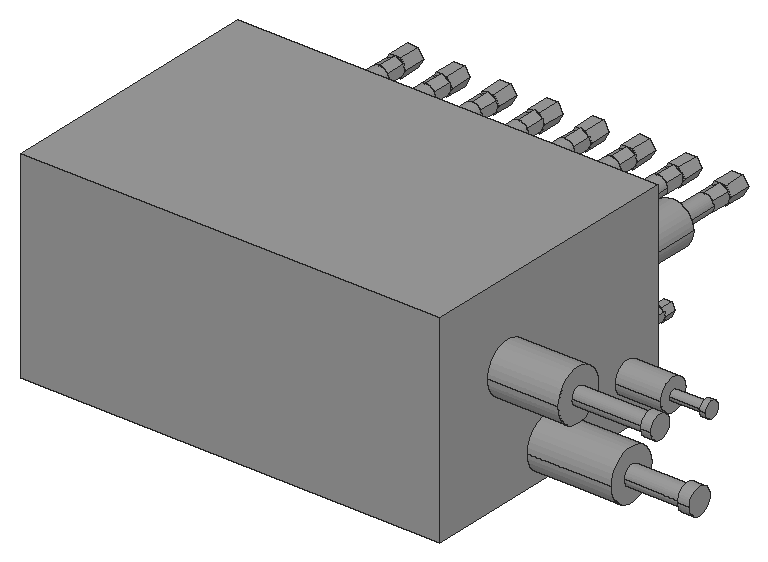
Revit family "BC_Hitachi_CH-BOX-CH-AP08MSSX_LOD200", category Equipement de génie climatique, Revit 2015
Parameters (values of type "CH-AP08MSSX")
  Refrigerant Liquid Pipe connections Diameter = 9.52 mm
  Refrigerant Gas Pipe connections Diameter = 15.88 mm
  Refrigerant Gas Low Pressure Diameter = 25.60 mm
  Refrigerant Liquid Diameter = 12.90 mm
  Rated Frequency (Hz) = "50"
  Product Code = "60292161"
  Overall Width = 543.00 mm
  Overall Height = 260.00 mm
  Overall Depth = 352.00 mm
  Nominal Voltage = 230 V
  Modèle = "Multi CH-Box"
  Mass = 25.00 kg
  Gas Diameter = 22.20 mm
  Fabricant = "Hitachi"
  Description = "Multi CH-Box 8 branches"
  Commentaires du type = "CH-AP08MSSX"
  CALC_Refrigerant Gas Right = 89.00 mm
  CALC_Refrigerant Gas Low Pressure Diameter = Refrigerant Gas Low Pressure Diameter + 15.00 mm / 2  # 33.10 mm
  CALC_Refrigerant Gas L Left = 250.00 mm
  CALC_Refrigerant Gas HL Left = 200.00 mm
  CALC_Refrigerant Gas Diameter = Refrigerant Liquid Diameter + 15.00 mm / 2  # 20.40 mm
  CALC_BOX Width = 303.00 mm
Reference planes
  plane 1 "Centre (avant/arrière)": y = 0
  plane 2: z = 0
  plane 3 "Centre (gauche/droite)": x = 0
  plane 4: z = 260
  plane 5 "Back": y = 176
  plane 6 "Front": y = -176
  plane 7 "Left": x = -543
  plane 8: z = 155
  plane 9: z = 60
  plane 10: y = 375
  plane 11: y = 262
  plane 12: x = 110
  plane 13: x = 198
  plane 14: y = -4
  plane 15: z = 42
  plane 16: z = 156
  plane 17: y = -68
  plane 18: z = 60
  plane 19: y = 126
  plane 20: x = 61.245
  plane 21: x = 175.543
Forms (mm)
  Extrusion 1, solid, material "Par défaut"
    sketch origin (0, 0, 0) x (1, 0, 0) y (0, 1, 0)
      loop
        line (0, 176) -> (-543, 176) -> (-543, -176) -> (0, -176) -> (0, 176)
    from 0 to 260
  Extrusion 2, solid, material "Par défaut"
    sketch origin (0, 0, 75) x (0, 1, 0) y (0, 0, 1)
      loop
        circle (-4, -33) r 32.5
    from 0 to 110
  Extrusion 3, solid, material "Par défaut"
    sketch origin (0, 46.823, 0) x (0, 1, 0) y (0, 0, 1)
      loop
        circle (-114.823, 156) r 32.5
    from 0 to 92.169
  Extrusion 4, solid, material "Par défaut"
    sketch origin (0, 146.283, 43.123) x (0, 1, 0) y (0, 0, 1)
      loop
        circle (-20.283, 16.877) r 20
    from 0 to 59.808
  Extrusion 5, solid, material "Par défaut"
    sketch origin (151.5, 0, 0) x (0, -1, 0) y (0, 0, 1)
      loop
        circle (68, 156) r 11.1
    from -33.5 to 59.331
  Extrusion 6, solid, material "Par défaut"
    sketch origin (151.5, 0, 0) x (0, -1, 0) y (0, 0, 1)
      loop
        circle (68, 156) r 14.93
    from -46.5 to -33.5
  Extrusion 7, solid, material "Par défaut"
    sketch origin (151.5, 0, 0) x (0, -1, 0) y (0, 0, 1)
      loop
        circle (4, 42) r 12.8
    from -31.308 to 41.5
  Extrusion 8, solid, material "Par défaut"
    sketch origin (151.5, 0, 0) x (0, -1, 0) y (0, 0, 1)
      loop
        circle (4, 42) r 16.55
    from -46.5 to -31.308
  Extrusion 9, solid, material "Par défaut"
    sketch origin (151.5, 0, 0) x (0, -1, 0) y (0, 0, 1)
      loop
        circle (-126, 60) r 6.45
    from 49.363 to 91.692
  Extrusion 10, solid, material "Par défaut"
    sketch origin (151.5, 0, 0) x (0, -1, 0) y (0, 0, 1)
      loop
        circle (-126, 60) r 10.2
    from 41.5 to 49.363
Dimensions and locks
  "Overall Height": plane 4 to plane 2
  "Overall Width": plane 3 "Centre (gauche/droite)" to plane 7 "Left"
  "Overall Width": plane 7 "Left" to plane 3 "Centre (gauche/droite)"
  "Overall Depth": plane 5 "Back" to plane 6 "Front"
  equal spacing: plane 5 "Back", plane 1 "Centre (avant/arrière)", plane 6 "Front"
  plane 10 to plane 5 "Back" = 199.00 mm
  plane 11 to plane 5 "Back" = 86.00 mm
  locked: plane 7 "Left" to nested 1 at 67
  locked: plane 3 "Centre (gauche/droite)" to plane 12 at 110
  locked: plane 3 "Centre (gauche/droite)" to plane 13 at 198
  plane 5 "Back" to plane 19 = 50.00 mm
  plane 17 to plane 5 "Back" = 244.00 mm
  plane 14 to plane 5 "Back" = 180.00 mm
  plane 19 to plane 5 "Back" = 50.00 mm
  plane 16 to plane 2 = 156.00 mm
  plane 15 to plane 2 = 42.00 mm
  plane 18 to level = 60.00 mm
  plane 2 to plane 9 = 60.00 mm
  plane 2 to plane 8 = 155.00 mm
  nested 1 to nested 2 to nested 3 to nested 4 = 60.00 mm locked, 60.00 mm locked, 60.00 mm locked
  nested 5 to nested 6 to nested 7 to nested 8 = 60.00 mm locked, 60.00 mm locked, 60.00 mm locked
  nested 9 to nested 10 to nested 11 to nested 12 = 60.00 mm locked, 60.00 mm locked, 60.00 mm locked
  nested 13 to nested 14 to nested 15 to nested 16 = 60.00 mm locked, 60.00 mm locked, 60.00 mm locked
  locked: nested 4 to nested 13 at 60
  locked: nested 4 to nested 9 at 60
  "Refrigerant Gas Low Pressure Diameter": diameter of Extrusion 7 sketch curve
  "CALC_Refrigerant Gas Low Pressure Diameter": diameter of Extrusion 8 sketch curve
  diameter of Extrusion 2 sketch curve = 65.00 mm
  diameter of Extrusion 6 sketch curve = 29.86 mm
  "Gas Diameter": diameter of Extrusion 5 sketch curve
  diameter of Extrusion 3 sketch curve = 65.00 mm
  "CALC_Refrigerant Gas Diameter": diameter of Extrusion 10 sketch curve
  "Refrigerant Liquid Diameter": diameter of Extrusion 9 sketch curve
  aligned and locked: level to plane 2
  aligned and locked: plane 5 "Back" to Extrusion 1 sketch curve
  aligned and locked: plane 3 "Centre (gauche/droite)" to Extrusion 1 sketch curve
  aligned and locked: Extrusion 1 sketch curve to plane 6 "Front"
  aligned and locked: plane 7 "Left" to Extrusion 1 sketch curve
  aligned and locked: plane 4 to Extrusion 1
  aligned and locked: plane 9 to nested 5
  aligned and locked: nested 5 to nested 1
  aligned and locked: Extrusion 2 to plane 3 "Centre (gauche/droite)"
  aligned and locked: plane 15 to Extrusion 2 sketch curve
  aligned and locked: plane 14 to Extrusion 2 sketch curve
  aligned and locked: plane 16 to Extrusion 3 sketch curve
  aligned and locked: plane 17 to Extrusion 3 sketch curve
  aligned and locked: plane 19 to Extrusion 4 sketch curve
  aligned and locked: plane 18 to Extrusion 4 sketch curve
  aligned and locked: plane 5 "Back" to nested 1
  aligned and locked: plane 17 to Extrusion 5 sketch curve
  aligned and locked: plane 16 to Extrusion 5 sketch curve
  aligned and locked: plane 14 to Extrusion 8 sketch curve
  aligned and locked: plane 15 to Extrusion 8 sketch curve
  aligned and locked: plane 14 to Extrusion 7 sketch curve
  aligned and locked: plane 15 to Extrusion 7 sketch curve
  aligned and locked: plane 18 to Extrusion 9 sketch curve
  aligned and locked: plane 19 to Extrusion 9 sketch curve
  aligned and locked: plane 13 to Extrusion 8
  aligned and locked: plane 13 to Extrusion 6
  aligned and locked: nested 1 to plane 8
  aligned and locked: plane 8 to nested 2
  aligned and locked: plane 8 to nested 3
  aligned and locked: plane 8 to nested 4
  aligned and locked: plane 9 to nested 6
  aligned and locked: plane 9 to nested 7
  aligned and locked: plane 9 to nested 8
  aligned and locked: nested 13 to nested 9
Automatic sketch dimensions
  Extrusion 6 sketch curve to plane 16 = 0.00 mm
  Extrusion 6 sketch curve to plane 17 = 0.00 mm
  Extrusion 10 sketch curve to plane 9 = 0.00 mm
  Extrusion 10 sketch curve to plane 19 = 0.00 mm
  radius of Extrusion 4 sketch curve = 20.00 mm
Nested families
  nested 1: "PIPES" at (-476, 176, 155) x (0, 1, 0) z (0, 0, 1), type "PIPES"
    with CALC_Screw TOP 2 28.366 mm, CALC_Screw TOP 1 25.467 mm, CALC_Screw Diam TOP 2 12.00 mm, CALC_Screw Diam TOP 11.00 mm, CALC_Screw Diam 11.00 mm, CALC_PipeDiam2 24.00 mm, CALC_PipeDiam1 55.00 mm, CALC_Pipe L2 51.555 mm, CALC_Pipe L1 93.613 mm
  nested 2: "PIPES" at (-416, 176, 155) x (0, 1, 0) z (0, 0, 1), type "PIPES"
    with CALC_Screw TOP 2 28.366 mm, CALC_Screw TOP 1 25.467 mm, CALC_Screw Diam TOP 2 12.00 mm, CALC_Screw Diam TOP 11.00 mm, CALC_Screw Diam 11.00 mm, CALC_PipeDiam2 24.00 mm, CALC_PipeDiam1 55.00 mm, CALC_Pipe L2 51.555 mm, CALC_Pipe L1 93.613 mm
  nested 3: "PIPES" at (-356, 176, 155) x (0, 1, 0) z (0, 0, 1), type "PIPES"
    with CALC_Screw TOP 2 28.366 mm, CALC_Screw TOP 1 25.467 mm, CALC_Screw Diam TOP 2 12.00 mm, CALC_Screw Diam TOP 11.00 mm, CALC_Screw Diam 11.00 mm, CALC_PipeDiam2 24.00 mm, CALC_PipeDiam1 55.00 mm, CALC_Pipe L2 51.555 mm, CALC_Pipe L1 93.613 mm
  nested 4: "PIPES" at (-296, 176, 155) x (0, 1, 0) z (0, 0, 1), type "PIPES"
    with CALC_Screw TOP 2 28.366 mm, CALC_Screw TOP 1 25.467 mm, CALC_Screw Diam TOP 2 12.00 mm, CALC_Screw Diam TOP 11.00 mm, CALC_Screw Diam 11.00 mm, CALC_PipeDiam2 24.00 mm, CALC_PipeDiam1 55.00 mm, CALC_Pipe L2 51.555 mm, CALC_Pipe L1 93.613 mm
  nested 5: "PIPES" at (-476, 176, 60) x (0, 1, 0) z (0, 0, 1), type "PIPES"
    with CALC_Screw TOP 2 15.179 mm, CALC_Screw TOP 1 12.708 mm, CALC_Screw Diam TOP 2 8.50 mm, CALC_Screw Diam TOP 0.00 mm, CALC_Screw Diam 8.00 mm, CALC_PipeDiam2 16.50 mm, CALC_PipeDiam1 17.00 mm, CALC_Pipe L2 1.975 mm, CALC_Pipe L1 56.139 mm
  nested 6: "PIPES" at (-416, 176, 60) x (0, 1, 0) z (0, 0, 1), type "PIPES"
    with CALC_Screw TOP 2 15.179 mm, CALC_Screw TOP 1 12.708 mm, CALC_Screw Diam TOP 2 8.50 mm, CALC_Screw Diam TOP 0.00 mm, CALC_Screw Diam 8.00 mm, CALC_PipeDiam2 16.50 mm, CALC_PipeDiam1 17.00 mm, CALC_Pipe L2 1.975 mm, CALC_Pipe L1 56.139 mm
  nested 7: "PIPES" at (-356, 176, 60) x (0, 1, 0) z (0, 0, 1), type "PIPES"
    with CALC_Screw TOP 2 15.179 mm, CALC_Screw TOP 1 12.708 mm, CALC_Screw Diam TOP 2 8.50 mm, CALC_Screw Diam TOP 0.00 mm, CALC_Screw Diam 8.00 mm, CALC_PipeDiam2 16.50 mm, CALC_PipeDiam1 17.00 mm, CALC_Pipe L2 1.975 mm, CALC_Pipe L1 56.139 mm
  nested 8: "PIPES" at (-296, 176, 60) x (0, 1, 0) z (0, 0, 1), type "PIPES"
    with CALC_Screw TOP 2 15.179 mm, CALC_Screw TOP 1 12.708 mm, CALC_Screw Diam TOP 2 8.50 mm, CALC_Screw Diam TOP 0.00 mm, CALC_Screw Diam 8.00 mm, CALC_PipeDiam2 16.50 mm, CALC_PipeDiam1 17.00 mm, CALC_Pipe L2 1.975 mm, CALC_Pipe L1 56.139 mm
  nested 9: "PIPES" at (-236, 176, 155) x (0, 1, 0) z (0, 0, 1), type "PIPES"
    with CALC_Screw TOP 2 28.366 mm, CALC_Screw TOP 1 25.467 mm, CALC_Screw Diam TOP 2 12.00 mm, CALC_Screw Diam TOP 11.00 mm, CALC_Screw Diam 11.00 mm, CALC_PipeDiam2 24.00 mm, CALC_PipeDiam1 55.00 mm, CALC_Pipe L2 51.555 mm, CALC_Pipe L1 93.613 mm
  nested 10: "PIPES" at (-176, 176, 155) x (0, 1, 0) z (0, 0, 1), type "PIPES"
    with CALC_Screw TOP 2 28.366 mm, CALC_Screw TOP 1 25.467 mm, CALC_Screw Diam TOP 2 12.00 mm, CALC_Screw Diam TOP 11.00 mm, CALC_Screw Diam 11.00 mm, CALC_PipeDiam2 24.00 mm, CALC_PipeDiam1 55.00 mm, CALC_Pipe L2 51.555 mm, CALC_Pipe L1 93.613 mm
  nested 11: "PIPES" at (-116, 176, 155) x (0, 1, 0) z (0, 0, 1), type "PIPES"
    with CALC_Screw TOP 2 28.366 mm, CALC_Screw TOP 1 25.467 mm, CALC_Screw Diam TOP 2 12.00 mm, CALC_Screw Diam TOP 11.00 mm, CALC_Screw Diam 11.00 mm, CALC_PipeDiam2 24.00 mm, CALC_PipeDiam1 55.00 mm, CALC_Pipe L2 51.555 mm, CALC_Pipe L1 93.613 mm
  nested 12: "PIPES" at (-56, 176, 155) x (0, 1, 0) z (0, 0, 1), type "PIPES"
    with CALC_Screw TOP 2 28.366 mm, CALC_Screw TOP 1 25.467 mm, CALC_Screw Diam TOP 2 12.00 mm, CALC_Screw Diam TOP 11.00 mm, CALC_Screw Diam 11.00 mm, CALC_PipeDiam2 24.00 mm, CALC_PipeDiam1 55.00 mm, CALC_Pipe L2 51.555 mm, CALC_Pipe L1 93.613 mm
  nested 13: "PIPES" at (-236, 176, 60) x (0, 1, 0) z (0, 0, 1), type "PIPES"
    with CALC_Screw TOP 2 15.179 mm, CALC_Screw TOP 1 12.708 mm, CALC_Screw Diam TOP 2 8.50 mm, CALC_Screw Diam TOP 0.00 mm, CALC_Screw Diam 8.00 mm, CALC_PipeDiam2 16.50 mm, CALC_PipeDiam1 17.00 mm, CALC_Pipe L2 1.975 mm, CALC_Pipe L1 56.139 mm
  nested 14: "PIPES" at (-176, 176, 60) x (0, 1, 0) z (0, 0, 1), type "PIPES"
    with CALC_Screw TOP 2 15.179 mm, CALC_Screw TOP 1 12.708 mm, CALC_Screw Diam TOP 2 8.50 mm, CALC_Screw Diam TOP 0.00 mm, CALC_Screw Diam 8.00 mm, CALC_PipeDiam2 16.50 mm, CALC_PipeDiam1 17.00 mm, CALC_Pipe L2 1.975 mm, CALC_Pipe L1 56.139 mm
  nested 15: "PIPES" at (-116, 176, 60) x (0, 1, 0) z (0, 0, 1), type "PIPES"
    with CALC_Screw TOP 2 15.179 mm, CALC_Screw TOP 1 12.708 mm, CALC_Screw Diam TOP 2 8.50 mm, CALC_Screw Diam TOP 0.00 mm, CALC_Screw Diam 8.00 mm, CALC_PipeDiam2 16.50 mm, CALC_PipeDiam1 17.00 mm, CALC_Pipe L2 1.975 mm, CALC_Pipe L1 56.139 mm
  nested 16: "PIPES" at (-56, 176, 60) x (0, 1, 0) z (0, 0, 1), type "PIPES"
    with CALC_Screw TOP 2 15.179 mm, CALC_Screw TOP 1 12.708 mm, CALC_Screw Diam TOP 2 8.50 mm, CALC_Screw Diam TOP 0.00 mm, CALC_Screw Diam 8.00 mm, CALC_PipeDiam2 16.50 mm, CALC_PipeDiam1 17.00 mm, CALC_Pipe L2 1.975 mm, CALC_Pipe L1 56.139 mm
Connectors
  piping at (198, -68, 156), diameter 22.2, driven by "Gas Diameter"
    settings: on Extrusion 6, index 1, connector inside diameter 609.6 mm, connector length 0.00 mm, flow factor 0, pipe flow 0.0 L/s, pressure drop 0.0 Pa, fitting loss kfactor 0, connector angle 0.00°, fixture units 0, engagement length 0.00 mm, angle of deflection 0.00°, flow configuration 0, flow direction 0, fitting loss method 0, system type 22, joint type 0, gender type 0, connector reference index -1, connector utility 0, adjustable connector no, is connector primary yes, connector description "Refrigerant gas High/Low Pressure"
  piping at (198, -4, 42), diameter 25.6, driven by "Refrigerant Gas Low Pressure Diameter"
    settings: on Extrusion 8, index 2, connector inside diameter 609.6 mm, connector length 0.00 mm, flow factor 0, pipe flow 0.0 L/s, pressure drop 0.0 Pa, fitting loss kfactor 0, connector angle 0.00°, fixture units 0, engagement length 0.00 mm, angle of deflection 0.00°, flow configuration 0, flow direction 0, fitting loss method 0, system type 22, joint type 0, gender type 0, connector reference index -1, connector utility 0, adjustable connector no, is connector primary no, connector description "Refrigerant gas Low Pressure"
  piping at (110, 126, 60), diameter 12.9, driven by "Refrigerant Liquid Diameter"
    settings: on Extrusion 10, index 3, connector inside diameter 609.6 mm, connector length 0.00 mm, flow factor 0, pipe flow 0.0 L/s, pressure drop 0.0 Pa, fitting loss kfactor 0, connector angle 0.00°, fixture units 0, engagement length 0.00 mm, angle of deflection 0.00°, flow configuration 0, flow direction 0, fitting loss method 0, system type 22, joint type 0, gender type 0, connector reference index -1, connector utility 0, adjustable connector no, is connector primary no, connector description "Refrigerant Liquid"
  piping at (-296, 375, 155), diameter 15.88, driven by "Refrigerant Gas Pipe connections Diameter"
    settings: on nested 4, index 4, connector inside diameter 609.6 mm, connector length 0.00 mm, flow factor 0, pipe flow 0.0 L/s, pressure drop 0.0 Pa, fitting loss kfactor 0, connector angle 0.00°, fixture units 0, engagement length 0.00 mm, angle of deflection 0.00°, flow configuration 0, flow direction 0, fitting loss method 0, system type 22, joint type 0, gender type 0, connector reference index -1, connector utility 0, adjustable connector no, is connector primary no, connector description "Refrigerant Gas Pipe D"
  piping at (-356, 375, 155), diameter 15.88, driven by "Refrigerant Gas Pipe connections Diameter"
    settings: on nested 3, index 5, connector inside diameter 609.6 mm, connector length 0.00 mm, flow factor 0, pipe flow 0.0 L/s, pressure drop 0.0 Pa, fitting loss kfactor 0, connector angle 0.00°, fixture units 0, engagement length 0.00 mm, angle of deflection 0.00°, flow configuration 0, flow direction 0, fitting loss method 0, system type 22, joint type 0, gender type 0, connector reference index -1, connector utility 0, adjustable connector no, is connector primary no, connector description "Refrigerant Gas Pipe C"
  piping at (-416, 375, 155), diameter 15.88, driven by "Refrigerant Gas Pipe connections Diameter"
    settings: on nested 2, index 6, connector inside diameter 609.6 mm, connector length 0.00 mm, flow factor 0, pipe flow 0.0 L/s, pressure drop 0.0 Pa, fitting loss kfactor 0, connector angle 0.00°, fixture units 0, engagement length 0.00 mm, angle of deflection 0.00°, flow configuration 0, flow direction 0, fitting loss method 0, system type 22, joint type 0, gender type 0, connector reference index -1, connector utility 0, adjustable connector no, is connector primary no, connector description "Refrigerant Gas Pipe B"
  piping at (-476, 375, 155), diameter 15.88, driven by "Refrigerant Gas Pipe connections Diameter"
    settings: on nested 1, index 7, connector inside diameter 609.6 mm, connector length 0.00 mm, flow factor 0, pipe flow 0.0 L/s, pressure drop 0.0 Pa, fitting loss kfactor 0, connector angle 0.00°, fixture units 0, engagement length 0.00 mm, angle of deflection 0.00°, flow configuration 0, flow direction 0, fitting loss method 0, system type 22, joint type 0, gender type 0, connector reference index -1, connector utility 0, adjustable connector no, is connector primary no, connector description "Refrigerant Gas Pipe A"
  piping at (-476, 262, 60), diameter 9.52, driven by "Refrigerant Liquid Pipe connections Diameter"
    settings: on nested 5, index 8, connector inside diameter 609.6 mm, connector length 0.00 mm, flow factor 0, pipe flow 0.0 L/s, pressure drop 0.0 Pa, fitting loss kfactor 0, connector angle 0.00°, fixture units 0, engagement length 0.00 mm, angle of deflection 0.00°, flow configuration 0, flow direction 0, fitting loss method 0, system type 22, joint type 0, gender type 0, connector reference index -1, connector utility 0, adjustable connector no, is connector primary no, connector description "Refrigerant Liquid Pipe A"
  piping at (-416, 262, 60), diameter 9.52, driven by "Refrigerant Liquid Pipe connections Diameter"
    settings: on nested 6, index 9, connector inside diameter 609.6 mm, connector length 0.00 mm, flow factor 0, pipe flow 0.0 L/s, pressure drop 0.0 Pa, fitting loss kfactor 0, connector angle 0.00°, fixture units 0, engagement length 0.00 mm, angle of deflection 0.00°, flow configuration 0, flow direction 0, fitting loss method 0, system type 22, joint type 0, gender type 0, connector reference index -1, connector utility 0, adjustable connector no, is connector primary no, connector description "Refrigerant Liquid Pipe B"
  piping at (-356, 262, 60), diameter 9.52, driven by "Refrigerant Liquid Pipe connections Diameter"
    settings: on nested 7, index 10, connector inside diameter 609.6 mm, connector length 0.00 mm, flow factor 0, pipe flow 0.0 L/s, pressure drop 0.0 Pa, fitting loss kfactor 0, connector angle 0.00°, fixture units 0, engagement length 0.00 mm, angle of deflection 0.00°, flow configuration 0, flow direction 0, fitting loss method 0, system type 22, joint type 0, gender type 0, connector reference index -1, connector utility 0, adjustable connector no, is connector primary no, connector description "Refrigerant Liquid Pipe C"
  piping at (-296, 262, 60), diameter 9.52, driven by "Refrigerant Liquid Pipe connections Diameter"
    settings: on nested 8, index 11, connector inside diameter 609.6 mm, connector length 0.00 mm, flow factor 0, pipe flow 0.0 L/s, pressure drop 0.0 Pa, fitting loss kfactor 0, connector angle 0.00°, fixture units 0, engagement length 0.00 mm, angle of deflection 0.00°, flow configuration 0, flow direction 0, fitting loss method 0, system type 22, joint type 0, gender type 0, connector reference index -1, connector utility 0, adjustable connector no, is connector primary no, connector description "Refrigerant Liquid Pipe D"
  piping at (-56, 375, 155), diameter 15.88, driven by "Refrigerant Gas Pipe connections Diameter"
    settings: on nested 12, index 12, connector inside diameter 609.6 mm, connector length 0.00 mm, flow factor 0, pipe flow 0.0 L/s, pressure drop 0.0 Pa, fitting loss kfactor 0, connector angle 0.00°, fixture units 0, engagement length 0.00 mm, angle of deflection 0.00°, flow configuration 0, flow direction 0, fitting loss method 0, system type 22, joint type 0, gender type 0, connector reference index -1, connector utility 0, adjustable connector no, is connector primary no, connector description "Refrigerant Gas Pipe H"
  piping at (-116, 375, 155), diameter 15.88, driven by "Refrigerant Gas Pipe connections Diameter"
    settings: on nested 11, index 13, connector inside diameter 609.6 mm, connector length 0.00 mm, flow factor 0, pipe flow 0.0 L/s, pressure drop 0.0 Pa, fitting loss kfactor 0, connector angle 0.00°, fixture units 0, engagement length 0.00 mm, angle of deflection 0.00°, flow configuration 0, flow direction 0, fitting loss method 0, system type 22, joint type 0, gender type 0, connector reference index -1, connector utility 0, adjustable connector no, is connector primary no, connector description "Refrigerant Gas Pipe G"
  piping at (-176, 375, 155), diameter 15.88, driven by "Refrigerant Gas Pipe connections Diameter"
    settings: on nested 10, index 14, connector inside diameter 609.6 mm, connector length 0.00 mm, flow factor 0, pipe flow 0.0 L/s, pressure drop 0.0 Pa, fitting loss kfactor 0, connector angle 0.00°, fixture units 0, engagement length 0.00 mm, angle of deflection 0.00°, flow configuration 0, flow direction 0, fitting loss method 0, system type 22, joint type 0, gender type 0, connector reference index -1, connector utility 0, adjustable connector no, is connector primary no, connector description "Refrigerant Gas Pipe F"
  piping at (-236, 375, 155), diameter 15.88, driven by "Refrigerant Gas Pipe connections Diameter"
    settings: on nested 9, index 15, connector inside diameter 609.6 mm, connector length 0.00 mm, flow factor 0, pipe flow 0.0 L/s, pressure drop 0.0 Pa, fitting loss kfactor 0, connector angle 0.00°, fixture units 0, engagement length 0.00 mm, angle of deflection 0.00°, flow configuration 0, flow direction 0, fitting loss method 0, system type 22, joint type 0, gender type 0, connector reference index -1, connector utility 0, adjustable connector no, is connector primary no, connector description "Refrigerant Gas Pipe E"
  piping at (-236, 262, 60), diameter 9.52, driven by "Refrigerant Liquid Pipe connections Diameter"
    settings: on nested 13, index 16, connector inside diameter 609.6 mm, connector length 0.00 mm, flow factor 0, pipe flow 0.0 L/s, pressure drop 0.0 Pa, fitting loss kfactor 0, connector angle 0.00°, fixture units 0, engagement length 0.00 mm, angle of deflection 0.00°, flow configuration 0, flow direction 0, fitting loss method 0, system type 22, joint type 0, gender type 0, connector reference index -1, connector utility 0, adjustable connector no, is connector primary no, connector description "Refrigerant Liquid Pipe E"
  piping at (-176, 262, 60), diameter 9.52, driven by "Refrigerant Liquid Pipe connections Diameter"
    settings: on nested 14, index 17, connector inside diameter 609.6 mm, connector length 0.00 mm, flow factor 0, pipe flow 0.0 L/s, pressure drop 0.0 Pa, fitting loss kfactor 0, connector angle 0.00°, fixture units 0, engagement length 0.00 mm, angle of deflection 0.00°, flow configuration 0, flow direction 0, fitting loss method 0, system type 22, joint type 0, gender type 0, connector reference index -1, connector utility 0, adjustable connector no, is connector primary no, connector description "Refrigerant Liquid Pipe F"
  piping at (-116, 262, 60), diameter 9.52, driven by "Refrigerant Liquid Pipe connections Diameter"
    settings: on nested 15, index 18, connector inside diameter 609.6 mm, connector length 0.00 mm, flow factor 0, pipe flow 0.0 L/s, pressure drop 0.0 Pa, fitting loss kfactor 0, connector angle 0.00°, fixture units 0, engagement length 0.00 mm, angle of deflection 0.00°, flow configuration 0, flow direction 0, fitting loss method 0, system type 22, joint type 0, gender type 0, connector reference index -1, connector utility 0, adjustable connector no, is connector primary no, connector description "Refrigerant Liquid Pipe G"
  piping at (-56, 262, 60), diameter 9.52, driven by "Refrigerant Liquid Pipe connections Diameter"
    settings: on nested 16, index 19, connector inside diameter 609.6 mm, connector length 0.00 mm, flow factor 0, pipe flow 0.0 L/s, pressure drop 0.0 Pa, fitting loss kfactor 0, connector angle 0.00°, fixture units 0, engagement length 0.00 mm, angle of deflection 0.00°, flow configuration 0, flow direction 0, fitting loss method 0, system type 22, joint type 0, gender type 0, connector reference index -1, connector utility 0, adjustable connector no, is connector primary no, connector description ""
Definition of nested family "PIPES"
  Parameters (values of type "PIPES")
    Material Screw = none
    Material Pipe = none
    Default Elevation = 1219.20 mm
    CALC_Screw TOP 2 [instance] = 70.00 mm
    CALC_Screw TOP 1 [instance] = 107.333 mm
    CALC_Screw Diam TOP 2 [instance] = 25.00 mm
    CALC_Screw Diam TOP [instance] = 35.00 mm
    CALC_Screw Diam [instance] = 15.00 mm
    CALC_PipeDiam2 [instance] = 20.00 mm
    CALC_PipeDiam1 [instance] = 30.00 mm
    CALC_Pipe L2 [instance] = 75.447 mm
    CALC_Pipe L1 [instance] = 38.00 mm
    CALC_Angle Screw = 120.00°
  Reference planes
    plane 1 "Centre (avant/arrière)": y = 0
    plane 2: z = 0
    plane 3 "Centre (gauche/droite)": x = 0
    plane 4: x = 38
    plane 5: x = 220.781
    plane 6: x = 290.781
    plane 7: x = 113.447
  Forms (mm)
    Extrusion 1, solid, material <- "Material Pipe"
      sketch origin (0, 0, 0) x (0, 1, 0) y (0, 0, 1)
        loop
          circle (0, 0) r 15
      from 0 to 38
    Extrusion 2, solid, material <- "Material Screw"
      sketch origin (0, 0, 0) x (0, 1, 0) y (0, 0, 1)
        loop
          line (0, 17.321) -> (-15, 8.66) -> (-15, -8.66) -> (0, -17.321) -> (15, -8.66) -> (15, 8.66) -> (0, 17.321)
      from 113.447 to 220.781
    Extrusion 3, solid, material <- "Material Screw"
      sketch origin (0, 0, 0) x (0, 1, 0) y (0, 0, 1)
        loop
          line (28.868, 0) -> (14.434, 25) -> (-14.434, 25) -> (-28.868, 0) -> (-14.434, -25) -> (14.434, -25) -> (28.868, 0)
      from 220.781 to 290.781
    Extrusion 4, solid, material <- "Material Pipe"
      sketch origin (0, 0, 0) x (0, 1, 0) y (0, 0, 1)
        loop
          circle (0, 0) r 10
      from 38 to 113.447
  Dimensions and locks
    "CALC_Screw Diam": Extrusion 2 sketch curve to plane 1 "Centre (avant/arrière)"  (x5)
    "CALC_Screw Diam": plane 1 "Centre (avant/arrière)" to Extrusion 2 sketch curve
    "CALC_Screw Diam TOP 2": Extrusion 3 sketch curve to plane 1 "Centre (avant/arrière)"  (x5)
    "CALC_Screw Diam TOP 2": Extrusion 3 sketch curve to plane 2
    "CALC_Pipe L1": plane 3 "Centre (gauche/droite)" to plane 4
    "CALC_Pipe L2": plane 4 to plane 7
    "CALC_Screw TOP 1": plane 7 to plane 5
    "CALC_Screw TOP 2": plane 5 to plane 6
    "CALC_PipeDiam1": diameter of Extrusion 1 sketch curve
    "CALC_PipeDiam2": diameter of Extrusion 4 sketch curve
    "CALC_Angle Screw": angle Extrusion 2 sketch curve to Extrusion 2 sketch curve  (x3)
    "CALC_Angle Screw": angle Extrusion 3 sketch curve to Extrusion 3 sketch curve  (x3)
    aligned and locked: level to plane 2
    aligned and locked: Extrusion 3 to plane 6
    aligned and locked: plane 5 to Extrusion 3
    aligned and locked: Extrusion 2 to plane 5
    aligned and locked: plane 4 to Extrusion 1
    aligned and locked: plane 4 to Extrusion 4
    aligned and locked: Extrusion 4 to plane 7
    aligned and locked: plane 7 to Extrusion 2
  Automatic sketch dimensions
    Extrusion 1 sketch curve to level = 0.00 mm
    Extrusion 1 sketch curve to plane 1 "Centre (avant/arrière)" = 0.00 mm
    Extrusion 2 sketch curve to plane 1 "Centre (avant/arrière)" = 0.00 mm
    Extrusion 3 sketch curve to level = 0.00 mm
    Extrusion 4 sketch curve to level = 0.00 mm
    Extrusion 4 sketch curve to plane 1 "Centre (avant/arrière)" = 0.00 mm
